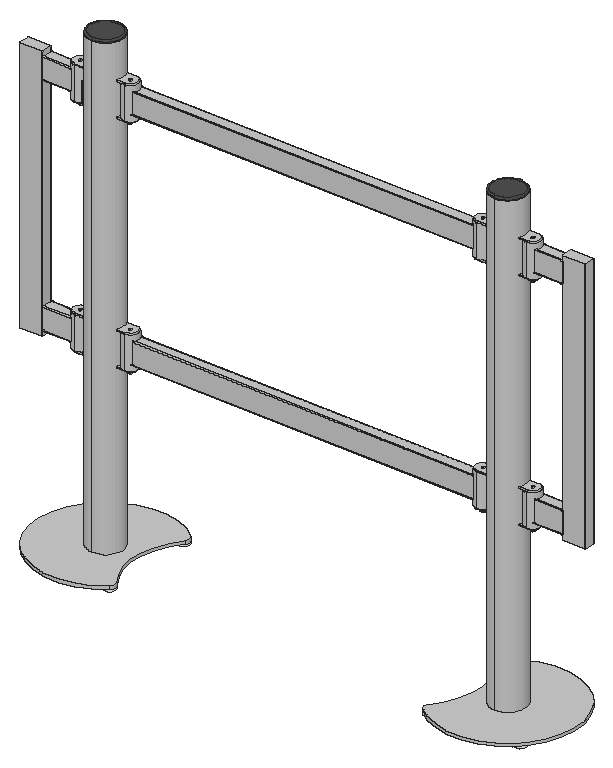
Revit family "PQR-341", category Furniture, Revit 2021
Family settings
  OmniClass Number = 23.40.20.00
  OmniClass Title = General Furniture and Specialties
  Work Plane-Based = No
  Always vertical = Yes
  Cut with Voids When Loaded = No
  Shared = No
  Room Calculation Point = No
Parameters
  W = 3' - 0"
  Frame [instance] = CEN_Frame_Metallic Silver Powdercoat (MS)
  Model = "PQR-341"
  End pieces on/off R [instance] = yes
  End pieces on/off L [instance] = yes
  Default Elevation = 0' - 0"
Reference planes (in)
  plane 1 "Center Front/Back": y = 0
  plane 2: z = 0
  plane 3 "Center Left/Right": x = 0
  plane 4: x = -18
  plane 5: x = 18
  plane 6: x = -11.5
  plane 7: x = 11.5
  plane 8: x = 15.5
Forms (in)
  Extrusion 1, solid, material "CEN_Frame_Metallic Silver Powdercoat (MS)" <- "Frame"
    sketch origin (-23.29168, 0.50272, 36.0271) x (0, -1, 0) y (0, 0, 1)
      loop
        line (1, 0) -> (1, 1.78554)
        arc (1, 1.78554) -> (0.98091, 1.83163) -> (0.93482, 1.85072) r 0.06518
        line (0.93482, 1.85072) -> (0.06518, 1.85072)
        arc (0.06518, 1.85072) -> (0.01909, 1.83163) -> (0, 1.78554) r 0.06518
        line (0, 1.78554) -> (0, 0)
        arc (0, 0) -> (0.01909, -0.04609) -> (0.06518, -0.06518) r 0.06518
        line (0.06518, -0.06518) -> (0.93482, -0.06518)
        arc (0.93482, -0.06518) -> (0.98091, -0.04609) -> (1, 0) r 0.06518
      loop
        line (1, -20.08373) -> (1, -18.21446)
        arc (1, -18.21446) -> (0.98091, -18.16837) -> (0.93482, -18.14928) r 0.06518
        line (0.93482, -18.14928) -> (0.06518, -18.14928)
        arc (0.06518, -18.14928) -> (0.01909, -18.16837) -> (0, -18.21446) r 0.06518
        line (0, -18.21446) -> (0, -20.08373)
        arc (0, -20.08373) -> (0.01909, -20.12982) -> (0.06518, -20.14891) r 0.06518
        line (0.06518, -20.14891) -> (0.93482, -20.14891)
        arc (0.93482, -20.14891) -> (0.98091, -20.12982) -> (1, -20.08373) r 0.06518
    from -7.93603 to -38.79168
Dimensions and locks (in)
  equal spacing: plane 4, plane 3 "Center Left/Right", plane 5
  "W": plane 4 to plane 5
  locked: plane 7 to plane 5 at 6.5
  locked: plane 6 to plane 4 at 6.5
  locked: plane 8 to plane 5 at 2.5
  aligned and locked: level to plane 2
  aligned and locked: plane 4 to nested 1
  aligned and locked: nested 2 to plane 5
  aligned and locked: plane 8 to Extrusion 1
Automatic sketch dimensions
  Extrusion 1 sketch curve to nested 1 = 0' - 0.06518"  (x3)
  Extrusion 1 sketch curve to Extrusion 1 sketch curve = 0' - 0.06518"
  radius of Extrusion 1 sketch curve to nested 1 = 0' - 0"  (x4)
Nested families (in)
  nested 1: "PQR-341-post " at (-18, 0, 0) x (0, 1, 0) z (0, 0, 1), END KIT <- "End pieces on/off L", type "PQR-341-post "
  nested 2: "PQR-341-post " at (18, 0, 0) x (0, 1, 0) z (0, 0, 1), END KIT <- "End pieces on/off R", type "PQR-341-post "
Definition of nested family "PQR-341-post "
  Parameters (values of type "PQR-341-post ")
    plastic button = none
    Post = none
    END KIT [instance] = no
    Default Elevation = 0' - 0"
  Types (2): name
    PQR-341-post
    NOT END KIT
  Reference planes (in)
    plane 1 "Center Front/Back": y = 0
    plane 2: z = 0
    plane 3 "Center Left/Right": x = 0
    plane 4: z = 41.62154
    plane 5: z = 41.43404
    plane 6: z = 38.43918
    plane 7: z = 35.46343
    plane 8: z = 38.31958
    plane 9: z = 35.34626
    plane 10: z = 35.0779
    plane 11: z = 34.93741
    plane 12: z = 18.43657
    plane 13: z = 18.31697
    plane 14: z = 38.28685
    plane 15: z = 15.46357
    plane 16: z = 37.79482
    plane 17: z = 17.87782
    plane 18: z = 15.87818
  Forms (in)
    Extrusion 1, solid, material <- "Post"
      sketch origin (-0.02853, -0.08679, 0) x (1, 0, 0) y (0, 1, 0)
        loop
          arc (-3.79412, 4.14027) -> (-4.14981, 4.24664) -> (-4.48079, 4.07846) r 0.5
          arc (-4.48079, 4.07846) -> (0.03357, -5.88186) -> (4.53637, 4.0837) r 6.00161
          arc (4.53637, 4.0837) -> (4.20519, 4.25149) -> (3.84963, 4.14471) r 0.5
          arc (3.84963, 4.14471) -> (0.02853, 2.80874) -> (-3.79412, 4.14027) r 6.14269
      from 0.18657 to 0.43657
    Extrusion 2, solid, material <- "plastic button"
      sketch origin (0, 0, 0) x (1, 0, 0) y (0, 1, 0)
        loop
          circle (0, 0) r 1.5
      from 41.43404 to 41.62154
    Extrusion 3, solid, material <- "Post", visible <- "END KIT"
      sketch origin (0, 0, 0) x (1, 0, 0) y (0, 1, 0)
        loop
          circle (0.00169, -2.23449) r 0.6875
      from 35.46343 to 38.31958
    Extrusion 4, solid, material <- "Post"
      sketch origin (0, 0, 0) x (1, 0, 0) y (0, 1, 0)
        loop
          circle (0.00169, 2.23449) r 0.11265
        loop
          circle (0.00169, -2.23449) r 0.11265
        loop
          line (0.61497, -2.23449) -> (0.61497, 2.23449)
          arc (0.61497, 2.23449) -> (0.00169, 2.84777) -> (-0.61159, 2.23449) r 0.61328
          line (-0.61159, 2.23449) -> (-0.61159, -2.23449)
          arc (-0.61159, -2.23449) -> (0.00169, -2.84777) -> (0.61497, -2.23449) r 0.61328
      from 38.31958 to 38.43918
    Extrusion 5, solid, material <- "Post"
      sketch origin (0, 0, 0) x (1, 0, 0) y (0, 1, 0)
        loop
          circle (0.00169, 2.23449) r 0.11265
        loop
          circle (0.00169, -2.23449) r 0.11265
        loop
          line (0.61497, -2.23449) -> (0.61497, 2.23449)
          arc (0.61497, 2.23449) -> (0.00169, 2.84777) -> (-0.61159, 2.23449) r 0.61328
          line (-0.61159, 2.23449) -> (-0.61159, -2.23449)
          arc (-0.61159, -2.23449) -> (0.00169, -2.84777) -> (0.61497, -2.23449) r 0.61328
      from 35.34626 to 35.46343
    Extrusion 6, solid, material <- "Post"
      sketch origin (0, 0, 0) x (1, 0, 0) y (0, 1, 0)
        loop
          line (0.06349, 1.95369) -> (0.27562, 2.14947) -> (0.21213, 2.43108) -> (-0.06349, 2.5169) -> (-0.27562, 2.32111) -> (-0.21213, 2.0395) -> (0.06349, 1.95369)
        loop
          circle (0.00169, 2.23449) r 0.11265
      from 35.0779 to 35.34626
    Extrusion 7, solid, material <- "Post", visible <- "END KIT"
      sketch origin (0, 0, 0) x (1, 0, 0) y (0, 1, 0)
        loop
          circle (0.00169, -2.23449) r 0.11265
      from 34.93741 to 38.43918
    Sweep 8, void
      path in 3D
        loop
          arc (1.5, 0, 41.62154) -> (0, -1.5, 41.62154) -> (-1.5, 0, 41.62154) r 1.5
          arc (-1.5, 0, 41.62154) -> (0, 1.5, 41.62154) -> (1.5, 0, 41.62154) r 1.5
      profile origin (0, 1.5, 41.62154) x (0, 1, 0) y (0, 0, 1)
        loop
          line (0, -0.12486) -> (0.05983, -0.12486) -> (0.05983, 0) -> (-0.12486, 0)
          arc (-0.12486, 0) -> (-0.03657, -0.03657) -> (0, -0.12486) r 0.12486
    Extrusion 9, solid, material <- "Post"
      sketch origin (0, 0, 0) x (1, 0, 0) y (0, 1, 0)
        loop
          circle (0.00169, 2.23449) r 0.11265
      from 34.93741 to 38.43918
    Extrusion 10, solid, material <- "Post"
      sketch origin (0, 0, -20) x (1, 0, 0) y (0, 1, 0)
        loop
          circle (0.00169, 2.23449) r 0.11265
        loop
          circle (0.00169, -2.23449) r 0.11265
        loop
          line (0.61497, -2.23449) -> (0.61497, 2.23449)
          arc (0.61497, 2.23449) -> (0.00169, 2.84777) -> (-0.61159, 2.23449) r 0.61328
          line (-0.61159, 2.23449) -> (-0.61159, -2.23449)
          arc (-0.61159, -2.23449) -> (0.00169, -2.84777) -> (0.61497, -2.23449) r 0.61328
      from 38.31697 to 38.43657
    Extrusion 11, solid, material <- "Post"
      sketch origin (0, 0, -20) x (1, 0, 0) y (0, 1, 0)
        loop
          circle (0.00169, 2.23449) r 0.11265
        loop
          circle (0.00169, -2.23449) r 0.11265
        loop
          line (0.61497, -2.23449) -> (0.61497, 2.23449)
          arc (0.61497, 2.23449) -> (0.00169, 2.84777) -> (-0.61159, 2.23449) r 0.61328
          line (-0.61159, 2.23449) -> (-0.61159, -2.23449)
          arc (-0.61159, -2.23449) -> (0.00169, -2.84777) -> (0.61497, -2.23449) r 0.61328
      from 35.34365 to 35.46082
    Extrusion 12, solid, material <- "Post", visible <- "END KIT"
      sketch origin (0, 0, -20) x (1, 0, 0) y (0, 1, 0)
        loop
          circle (0.00169, -2.23449) r 0.11265
      from 34.9348 to 38.43657
    Extrusion 13, solid, material <- "Post"
      sketch origin (0, 0, -20) x (1, 0, 0) y (0, 1, 0)
        loop
          circle (0.00169, 2.23449) r 0.11265
      from 34.9348 to 38.43657
    Extrusion 14, solid
      sketch origin (-0.02853, -0.08679, 0) x (1, 0, 0) y (0, 1, 0)
        loop
          circle (-4.10805, 3.76384) r 0.48854
        loop
          circle (4.16511, 3.76384) r 0.48854
        loop
          circle (-3.62282, -3.98401) r 0.48854
        loop
          circle (3.67988, -3.98401) r 0.48854
      from 0 to 0.18657
    Extrusion 15, solid, material <- "Post"
      sketch origin (0, 0, 0) x (1, 0, 0) y (0, 1, 0)
        loop
          circle (0, 0) r 1.5
      from 0.43657 to 41.43404
    Extrusion 16, solid, material <- "Post", visible <- "END KIT"
      sketch origin (0, 0, 0) x (1, 0, 0) y (0, 1, 0)
        loop
          line (0.44955, -5.29168) -> (-0.44411, -5.29168)
          arc (-0.44411, -5.29168) -> (-0.4817, -5.30725) -> (-0.49728, -5.34485) r 0.05317
          line (-0.49728, -5.34485) -> (-0.49728, -7.23851)
          arc (-0.49728, -7.23851) -> (-0.4817, -7.27611) -> (-0.44411, -7.29168) r 0.05317
          line (-0.44411, -7.29168) -> (0.44955, -7.29168)
          arc (0.44955, -7.29168) -> (0.48715, -7.27611) -> (0.50272, -7.23851) r 0.05317
          line (0.50272, -7.23851) -> (0.50272, -5.34485)
          arc (0.50272, -5.34485) -> (0.48715, -5.30725) -> (0.44955, -5.29168) r 0.05317
      from 15.46357 to 38.28685
    Extrusion 17, solid, material <- "Post", visible <- "END KIT"
      sketch origin (0, 0, 0) x (1, 0, 0) y (0, 0, 1)
        loop
          line (-0.43209, 35.96191) -> (0.43754, 35.96191)
          arc (0.43754, 35.96191) -> (0.48363, 35.981) -> (0.50272, 36.0271) r 0.06518
          line (0.50272, 36.0271) -> (0.50272, 37.81264)
          arc (0.50272, 37.81264) -> (0.48363, 37.85873) -> (0.43754, 37.87782) r 0.06518
          line (0.43754, 37.87782) -> (-0.43209, 37.87782)
          arc (-0.43209, 37.87782) -> (-0.47818, 37.85873) -> (-0.49728, 37.81264) r 0.06518
          line (-0.49728, 37.81264) -> (-0.49728, 36.0271)
          arc (-0.49728, 36.0271) -> (-0.47818, 35.981) -> (-0.43209, 35.96191) r 0.06518
        loop
          line (-0.43209, 15.87818) -> (0.43754, 15.87818)
          arc (0.43754, 15.87818) -> (0.48363, 15.89727) -> (0.50272, 15.94336) r 0.06518
          line (0.50272, 15.94336) -> (0.50272, 17.81264)
          arc (0.50272, 17.81264) -> (0.48363, 17.85873) -> (0.43754, 17.87782) r 0.06518
          line (0.43754, 17.87782) -> (-0.43209, 17.87782)
          arc (-0.43209, 17.87782) -> (-0.47818, 17.85873) -> (-0.49728, 17.81264) r 0.06518
          line (-0.49728, 17.81264) -> (-0.49728, 15.94336)
          arc (-0.49728, 15.94336) -> (-0.47818, 15.89727) -> (-0.43209, 15.87818) r 0.06518
      from 2.63684 to 5.29168
    Extrusion 18, solid, material <- "Post"
      sketch origin (0, 0, 0) x (1, 0, 0) y (0, 1, 0)
        loop
          circle (0.00169, 2.23449) r 0.6875
      from 35.46343 to 38.31958
    Extrusion 19, solid, material <- "Post"
      sketch origin (0, 0, -20) x (1, 0, 0) y (0, 1, 0)
        loop
          circle (0.00169, 2.23449) r 0.6875
      from 35.46082 to 38.31697
    Extrusion 20, solid, material <- "Post", visible <- "END KIT"
      sketch origin (0, 0, -20) x (1, 0, 0) y (0, 1, 0)
        loop
          circle (0.00169, -2.23449) r 0.6875
      from 35.46082 to 38.31697
    Extrusion 21, solid, material <- "Post", visible <- "END KIT"
      sketch origin (0, 0, 0) x (1, 0, 0) y (0, 1, 0)
        loop
          line (0.06349, -1.95369) -> (-0.21213, -2.0395) -> (-0.27562, -2.32111) -> (-0.06349, -2.5169) -> (0.21213, -2.43108) -> (0.27562, -2.14947) -> (0.06349, -1.95369)
        loop
          circle (0.00169, -2.23449) r 0.11265
      from 35.0779 to 35.34626
    Extrusion 22, solid, material <- "Post"
      sketch origin (0, 0, -20.00261) x (1, 0, 0) y (0, 1, 0)
        loop
          line (0.06349, 1.95369) -> (0.27562, 2.14947) -> (0.21213, 2.43108) -> (-0.06349, 2.5169) -> (-0.27562, 2.32111) -> (-0.21213, 2.0395) -> (0.06349, 1.95369)
        loop
          circle (0.00169, 2.23449) r 0.11265
      from 35.0779 to 35.34626
    Extrusion 23, solid, material <- "Post", visible <- "END KIT"
      sketch origin (0, 0, -20.00261) x (1, 0, 0) y (0, 1, 0)
        loop
          line (0.06349, -1.95369) -> (-0.21213, -2.0395) -> (-0.27562, -2.32111) -> (-0.06349, -2.5169) -> (0.21213, -2.43108) -> (0.27562, -2.14947) -> (0.06349, -1.95369)
        loop
          circle (0.00169, -2.23449) r 0.11265
      from 35.0779 to 35.34626
  Cuts and joins
    Sweep 8 cuts Extrusion 2
    joined: Extrusion 3, Extrusion 17
  Lines and regions (in)
    sketch lines
      curve 1: arc (-1.5, 0, 41.62154) -> (0, 1.5, 41.62154) -> (1.5, 0, 41.62154) r 1.5
      curve 2: arc (1.5, 0, 41.62154) -> (0, -1.5, 41.62154) -> (-1.5, 0, 41.62154) r 1.5
  Dimensions and locks (in)
    plane 4 to level = 3' - 5.62154"
    locked: plane 4 to plane 5 at 0.1875
    plane 11 to plane 10 to plane 9 to plane 7 to plane 8 to plane 6 = 0' - 0.14049" locked, 0' - 0.26836" locked, 0' - 0 15/128" locked, 0' - 2.85615" locked, 0' - 0.1196" locked
    locked: plane 7 to plane 4 at 6.15811
    locked: plane 14 to plane 15 at 22.82328
    locked: plane 14 to plane 6 at 0.15234
    aligned and locked: level to plane 2
    aligned and locked: plane 4 to Extrusion 2
    aligned and locked: Extrusion 14 to level
    aligned and locked: plane 5 to cut or joined group of Extrusion 2, Sweep 8
    aligned and locked: Extrusion 15 to plane 5
    aligned and locked: plane 5 to Extrusion 15
    aligned and locked: plane 6 to Extrusion 4
    aligned and locked: plane 7 to Extrusion 3  (x2)
    aligned and locked: plane 8 to Extrusion 3
    aligned and locked: plane 11 to Extrusion 7  (x2)
    aligned and locked: plane 11 to Extrusion 9
    aligned and locked: plane 10 to Extrusion 6
    aligned and locked: Extrusion 6 to plane 10
    aligned and locked: plane 9 to Extrusion 5
    aligned and locked: Extrusion 6 to plane 9
    aligned and locked: Extrusion 5 to plane 9  (x2)
    aligned and locked: Extrusion 5 to plane 7
    aligned and locked: plane 7 to Extrusion 5
    aligned and locked: plane 8 to Extrusion 4
    aligned and locked: Extrusion 4 to Extrusion 9
    aligned and locked: Extrusion 7 to plane 6
    aligned and locked: plane 12 to Extrusion 10
    aligned and locked: plane 14 to Extrusion 16
    aligned and locked: plane 15 to Extrusion 16
